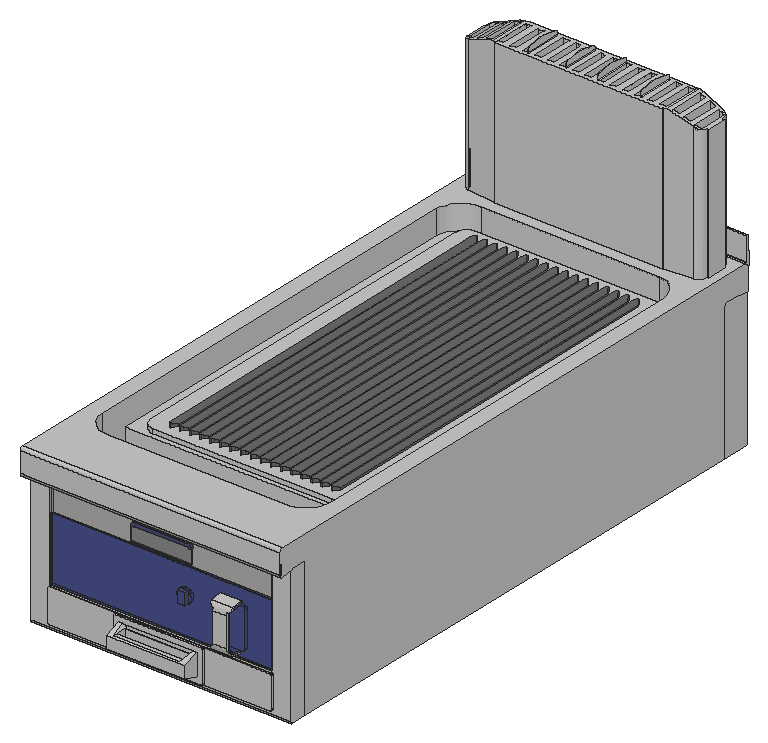
Revit family "QF_ELECTROLUXPROFESSIONAL_593321_MCHMABHOVO", category Specialty Equipment, Revit 2018
Family settings
  Round Connector Dimension = Use Diameter
  Part Type = Normal
  Work Plane-Based = No
  Always vertical = Yes
  Cut with Voids When Loaded = No
  Shared = No
  Room Calculation Point = No
Parameters (values of type "Standard")
  Weight = 120.00 kg
  Watts = 0 W
  Volts = 0 V
  URL Manufacturer = "http://professional.electrolux.com"
  URL = "http://professional.electrolux.com"
  Steam Supply Size = 0"
  Steam Supply Minimum Pressure = 0.00 psi
  Steam Supply Maximum Pressure = 0.00 psi
  Steam Pounds per Hour = 0
  Show Clearance [instance] = yes
  Refrigeration Suction Line Size = 0 mm
  Refrigeration Liquid Line Size = 0 mm
  Refrigerant Compressor Remote = yes
  Phase = 0
  Model = "MCHMABHOVO"
  Manufacturer = "Electrolux Professional"
  Length Actual = 800 mm  # constant formula
  Item Number = "593321"
  Hot Water Size = 0"
  Height Actual = 250 mm  # constant formula
  HP = "0 HP"
  Gas Size = 1/2"
  Gas KW = 20
  Gas Input Pressure = 1.63571 Btu/h
  Direct Waste Size = 0"
  Description = "GAS FRYTOP,SMT,TOWNGAS,2Z,BS,800X900X250"
  Depth Actual = 900 mm  # constant formula
  Cycle = 0 Hz
  Condensate Return Size = 0"
  Compressed Air Volume = 0 GPM
  Compressed Air Size = 0"
  Compressed Air Pressure = 0.00 psi
  Cold Water Size = 0"
  Accessory = yes
Reference planes
  plane 1 "BACK": y = 0
  plane 2: z = 0
  plane 3 "LEFT": x = 0
  plane 4 "RIGHT": x = 400
  plane 5 "FRONT": y = -900
  plane 6 "TOP": z = 250
  plane 7: x = 200
  plane 8: y = -450
  plane 9: z = 481
  plane 10: y = -1330
Forms (mm)
  Extrusion 1, solid, material "QF_Finishes_Stainless Steel"
    sketch origin (0, -487.128, 0) x (0, 1, 0) y (0, 0, 1)
      loop
        line (483.128, 250) -> (-408.872, 250)
        arc (-408.872, 250) -> (-411.7, 248.828) -> (-412.872, 246) r 4
        line (-412.872, 246) -> (-412.872, 214)
        arc (-412.872, 214) -> (-411.443, 210.936) -> (-408.177, 210.061) r 4
        line (-408.177, 210.061) -> (-391.509, 213) -> (-366.872, 213) -> (-366.872, 0) -> (441.128, 0) -> (441.128, 213) -> (465.765, 213) -> (482.433, 210.061)
        arc (482.433, 210.061) -> (485.699, 210.936) -> (487.128, 214) r 4
        line (487.128, 214) -> (487.128, 246)
        arc (487.128, 246) -> (485.956, 248.828) -> (483.128, 250) r 4
    from 0 to 400
  Extrusion 2, void
    sketch origin (653.786, 44.048, 250) x (1, 0, 0) y (0, -1, 0)
      loop
        line (-590.636, 138.048) -> (-316.936, 138.048)
        arc (-316.936, 138.048) -> (-289.96, 149.222) -> (-278.786, 176.198) r 38.15
        line (-278.786, 176.198) -> (-278.786, 816.572)
        arc (-278.786, 816.572) -> (-290.056, 843.779) -> (-317.263, 855.048) r 38.476
        line (-317.263, 855.048) -> (-591.786, 855.048)
        arc (-591.786, 855.048) -> (-617.949, 844.211) -> (-628.786, 818.048) r 37
        line (-628.786, 818.048) -> (-628.786, 176.198)
        arc (-628.786, 176.198) -> (-617.613, 149.222) -> (-590.636, 138.048) r 38.15
    from 0 to 37
  Extrusion 3, void
    sketch origin (1307.573, 92.096, 213) x (0, 1, 0) y (1, 0, 0)
      loop
        line (-821.846, -932.573) -> (-864.62, -932.573)
        arc (-864.62, -932.573) -> (-891.827, -943.842) -> (-903.096, -971.049) r 38.476
        line (-903.096, -971.049) -> (-903.096, -1245.573)
        arc (-903.096, -1245.573) -> (-892.259, -1271.736) -> (-866.096, -1282.573) r 37
        line (-866.096, -1282.573) -> (-821.846, -1282.573) -> (-821.846, -932.573)
    from 0 to 25.6
  Extrusion 4, void
    sketch origin (1307.573, 92.096, 187.4) x (-1, 0, 0) y (0, 1, 0)
      loop
        circle (1212.573, -862.096) r 22.248
    from 0 to 92
  Extrusion 5, solid, material "QF_Finishes_Stainless Steel"
    sketch origin (0, -854, 0) x (1, 0, 0) y (0, -1, 0)
      loop
        circle (365, -264) r 6.35
    from 0 to 3.2
  Extrusion 6, solid, material "QF_Door-Drawer Clearances", visible <- "Show Clearance", detail levels coarse
    sketch origin (237.31, -881.593, 8.62) x (0, 0, 1) y (-1, 0, 0)
      loop
        line (1.973, -134.295) -> (49.317, -134.295)
        arc (49.317, -134.295) -> (50.776, -133.691) -> (51.38, -132.232) r 2.063
        line (51.38, -132.232) -> (51.38, 206.852)
        arc (51.38, 206.852) -> (50.88, 208.549) -> (49.541, 209.705) r 3.133
        line (49.541, 209.705) -> (3.067, 209.705)
        arc (3.067, 209.705) -> (0.898, 208.807) -> (0, 206.638) r 3.067
        line (0, 206.638) -> (0, -132.322)
        arc (0, -132.322) -> (0.578, -133.717) -> (1.973, -134.295) r 1.973
    from 0 to 448.407
  Extrusion 7, solid, material "QF_Clearances", visible <- "Show Clearance", detail levels coarse
    sketch origin (-178.969, -4572, 0) x (-1, 0, 0) y (0, -1, 0)
      loop
        line (-78.969, -3672) -> (-178.969, -3672) -> (-178.969, -4572) -> (-578.969, -4572) -> (-578.969, -3672) -> (-678.969, -3672) -> (-678.969, -4672) -> (-78.969, -4672) -> (-78.969, -3672)
    from 0 to 250
  Extrusion 8, solid, material "QF_Finishes_Stainless Steel"
    sketch origin (0, 0, 0) x (0, 1, 0) y (0, 0, 1)
      loop
        line (-2.951, 1.994) -> (-2.951, 210.127)
        arc (-2.951, 210.127) -> (-3.795, 210.003) -> (-4.646, 210.061) r 4
        line (-4.646, 210.061) -> (-21.287, 212.994) -> (-45, 212.994) -> (-45, -0.006) -> (-4.951, -0.006)
        arc (-4.951, -0.006) -> (-3.537, 0.58) -> (-2.951, 1.994) r 2
      loop
        arc (-1.951, 252) -> (-2.537, 250.586) -> (-3.951, 250) r 2
        arc (-3.951, 250) -> (-1.172, 248.823) -> (0, 245.994) r 4
        line (0, 245.994) -> (0, 288) -> (-1.951, 288) -> (-1.951, 252)
    from 400 to 0
Cuts and joins
  Extrusion 2, Extrusion 3, Extrusion 4 cuts Extrusion 1
Lines and regions (mm)
  symbolic lines
    curve 1: line (293.666, -902.326, 0) -> (293.666, -900, 0)
    curve 2: spline (299.334, -903.73, 0) -> (298.856, -903.657, 0) -> (298.378, -903.575, 0) -> (297.901, -903.486, 0) -> (297.425, -903.389, 0) -> (296.95, -903.283, 0) -> (296.476, -903.17, 0) -> (296.004, -903.049, 0) -> (295.533, -902.92, 0) -> (295.064, -902.783, 0) -> (294.596, -902.638, 0) -> (294.13, -902.486, 0) -> (293.666, -902.326, 0)
    curve 3: line (325.881, -902.326, 0) -> (325.881, -900, 0)
    curve 4: spline (325.881, -902.326, 0) -> (325.417, -902.486, 0) -> (324.951, -902.638, 0) -> (324.483, -902.783, 0) -> (324.014, -902.92, 0) -> (323.543, -903.049, 0) -> (323.071, -903.17, 0) -> (322.597, -903.283, 0) -> (322.122, -903.389, 0) -> (321.646, -903.486, 0) -> (321.169, -903.575, 0) -> (320.691, -903.657, 0) -> (320.213, -903.73, 0)
    curve 5: line (299.334, -903.73, 0) -> (320.213, -903.73, 0)
    curve 6: line (25, -774, 0) -> (25, -132.15, 0)
    curve 7: arc (25, -132.15, 0) -> (36.174, -105.174, 0) -> (63.15, -94, 0) r 38.15
    curve 8: line (63.15, -94, 0) -> (336.85, -94, 0)
    curve 9: arc (336.85, -94, 0) -> (363.826, -105.174, 0) -> (375, -132.15, 0) r 38.15
    curve 10: line (375, -132.15, 0) -> (375, -772.524, 0)
    curve 11: arc (375, -772.524, 0) -> (363.731, -799.731, 0) -> (336.524, -811, 0) r 38.476
    curve 12: line (336.524, -811, 0) -> (62, -811, 0)
    curve 13: arc (62, -811, 0) -> (35.837, -800.163, 0) -> (25, -774, 0) r 37
    curve 14: line (375, -729.75, 0) -> (25, -729.75, 0)
    curve 15: circle (95, -770, 0) r 22.248 normal (0, 0, -1)
    curve 16: line (0, 0, 0) -> (400, 0, 0)
    curve 17: line (0, -900, 0) -> (0, 0, 0)
    curve 18: line (400, -900, 0) -> (0, -900, 0)
    curve 19: line (400, 0, 0) -> (400, -900, 0)
    curve 20: line (147.608, -908.767, 0) -> (250.042, -908.767, 0)
    curve 21: line (250.042, -908.767, 0) -> (251.588, -900, 0)
    curve 22: line (147.608, -908.767, 0) -> (146.062, -900, 0)
  symbolic lines, style "QF_Door-Drawer Clearances"
    curve 23: line (27.605, -1330, 0) -> (27.605, -900, 0)
    curve 24: line (27.605, -1330, 0) -> (371.605, -1330, 0)
    curve 25: line (371.605, -1330, 0) -> (371.605, -900, 0)
  symbolic lines, style "QF_Clearances", visible <- "Show Clearance", detail levels coarse
    curve 26: line (-100, 100, 0) -> (-100, -900, 0)
    curve 27: line (500, 100, 0) -> (-100, 100, 0)
    curve 28: line (500, -900, 0) -> (500, 100, 0)
  symbolic lines, style "SpecialityEquipment"
    curve 29: line (0, -1.951, 0) -> (400, -1.951, 0)
Dimensions and locks
  plane 3 "LEFT" to plane 4 "RIGHT" = 400 mm
  plane 5 "FRONT" to plane 1 "BACK" = 900 mm
  equal spacing: plane 3 "LEFT", plane 7, plane 4 "RIGHT"
  equal spacing: plane 5 "FRONT", plane 8, plane 1 "BACK"
  plane 6 "TOP" to level = 250 mm  (x2)
  plane 1 "BACK" to plane 5 "FRONT" = 900 mm
  Extrusion 5 sketch curve to plane 1 "BACK" = 590 mm
  Extrusion 5 sketch curve to plane 4 "RIGHT" = 35 mm
  plane 5 "FRONT" to plane 10 = 430 mm
  plane 9 to plane 6 "TOP" = 231 mm
  plane 9 to level = 481 mm
  Extrusion 7 to plane 3 "LEFT" = 100 mm
  plane 4 "RIGHT" to Extrusion 7 = 100 mm
  plane 1 "BACK" to Extrusion 7 = 100 mm
  aligned and locked: level to plane 2
  aligned and locked: plane 7 to nested 1
  aligned and locked: Extrusion 6 to plane 10
  aligned and locked: nested 2 to plane 6 "TOP"
  aligned and locked: plane 6 "TOP" to Extrusion 7
  aligned and locked: Extrusion 8 to plane 4 "RIGHT"
Automatic sketch dimensions
  Extrusion 1 to Extrusion 2 sketch curve = 90 mm
  Extrusion 1 to Extrusion 2 sketch curve = 122 mm
  Extrusion 1 to Extrusion 2 sketch curve = 25 mm
  Extrusion 2 sketch curve to Extrusion 2 sketch curve = 38.15 mm  (x2)
  Extrusion 1 to Extrusion 2 sketch curve = 123.476 mm
  Extrusion 1 to Extrusion 2 sketch curve = 85 mm
  Extrusion 2 sketch curve to Extrusion 2 sketch curve = 274.524 mm
  Extrusion 1 sketch curve to plane 5 "FRONT" = 0 mm
  Extrusion 1 sketch curve to plane 6 "TOP" = 0 mm
  Extrusion 1 sketch curve to level = 0 mm
  Extrusion 1 sketch curve to plane 1 "BACK" = 0 mm
  Extrusion 1 sketch curve to plane 6 "TOP" = 37 mm  (x2)
  Extrusion 1 sketch curve to plane 5 "FRONT" = 4 mm
  Extrusion 1 sketch curve to plane 5 "FRONT" = 21.363 mm
  Extrusion 1 sketch curve to plane 5 "FRONT" = 46 mm
  plane 1 "BACK" to Extrusion 1 sketch curve = 21.363 mm
  plane 1 "BACK" to Extrusion 1 sketch curve = 4 mm  (x2)
  Extrusion 1 sketch curve to Extrusion 1 sketch curve = 4 mm
  Extrusion 1 sketch curve to Extrusion 1 sketch curve = 0.695 mm
  Extrusion 1 sketch curve to Extrusion 1 sketch curve = 0 mm  (x4)
  plane 1 "BACK" to Extrusion 1 sketch curve = 4.695 mm
  Extrusion 1 sketch curve to Extrusion 1 sketch curve = 1 mm  (x2)
  plane 1 "BACK" to Extrusion 1 sketch curve = 46 mm
  Extrusion 3 sketch curve to Extrusion 2 = 81.25 mm
  Extrusion 2 to Extrusion 3 sketch curve = 0 mm  (x2)
  Extrusion 3 sketch curve to Extrusion 3 sketch curve = 37 mm
  Extrusion 3 sketch curve to Extrusion 3 sketch curve = 274.524 mm
  Extrusion 3 sketch curve to Extrusion 2 = 38.476 mm
  Extrusion 4 sketch curve to Extrusion 3 = 41 mm
  Extrusion 4 sketch curve to Extrusion 3 = 70 mm
  Extrusion 6 sketch curve to nested 1 = 1.973 mm
  Extrusion 6 sketch curve to nested 1 = 2.853 mm
  Extrusion 6 sketch curve to nested 1 = 1.839 mm
  plane 1 "BACK" to Extrusion 7 sketch curve = 0 mm
  plane 5 "FRONT" to Extrusion 7 sketch curve = 0 mm  (x2)
  Extrusion 7 sketch curve to plane 4 "RIGHT" = 100 mm
  Extrusion 7 sketch curve to plane 1 "BACK" = 100 mm
  Extrusion 7 sketch curve to plane 3 "LEFT" = 100 mm
  Extrusion 7 sketch curve to plane 3 "LEFT" = 0 mm
  Extrusion 7 sketch curve to plane 4 "RIGHT" = 0 mm
  Extrusion 8 sketch curve to plane 1 "BACK" = 0 mm  (x2)
  Extrusion 8 sketch curve to level = 0.006 mm
  Extrusion 8 sketch curve to plane 6 "TOP" = 0 mm
  Extrusion 8 sketch curve to Extrusion 8 sketch curve = 1.951 mm
  plane 1 "BACK" to Extrusion 8 sketch curve = 2.951 mm
  Extrusion 8 sketch curve to Extrusion 8 sketch curve = 2 mm  (x2)
  Extrusion 8 sketch curve to Extrusion 8 sketch curve = 18.335 mm
  Extrusion 8 sketch curve to Extrusion 8 sketch curve = 40.049 mm
  Extrusion 8 sketch curve to Extrusion 8 sketch curve = 1.695 mm
  Extrusion 8 sketch curve to Extrusion 8 sketch curve = 0 mm  (x3)
  Extrusion 8 sketch curve to Extrusion 8 sketch curve = 4 mm
  plane 1 "BACK" to Extrusion 8 sketch curve = 3.951 mm
  Extrusion 8 sketch curve to plane 6 "TOP" = 39.873 mm
  Extrusion 8 sketch curve to plane 6 "TOP" = 37.006 mm
  Extrusion 8 sketch curve to Extrusion 8 sketch curve = 36 mm
  Extrusion 8 sketch curve to Extrusion 8 sketch curve = 0.066 mm
  Extrusion 8 sketch curve to plane 6 "TOP" = 4.006 mm
  plane 1 "BACK" to curve 16 = 0 mm
  curve 24 to plane 10 = 0 mm
  curve 17 to plane 3 "LEFT" = 0 mm
  plane 5 "FRONT" to curve 18 = 0 mm
  plane 5 "FRONT" to curve 28 = 0 mm
  curve 29 to plane 4 "RIGHT" = 0 mm
  plane 5 "FRONT" to curve 26 = 0 mm
  curve 27 to plane 4 "RIGHT" = 100 mm
  plane 4 "RIGHT" to curve 10 = 25 mm
  plane 4 "RIGHT" to curve 24 = 28.395 mm
  curve 11 to curve 12 = 38.476 mm
  plane 5 "FRONT" to curve 3 = 2.326 mm
  curve 25 to curve 3 = 45.724 mm
  plane 5 "FRONT" to curve 5 = 3.73 mm
  curve 3 to curve 5 = 5.669 mm
  curve 5 to curve 5 = 20.878 mm
  plane 5 "FRONT" to curve 1 = 2.326 mm
  curve 2 to curve 1 = 5.669 mm
  plane 5 "FRONT" to curve 21 = 8.767 mm
  curve 1 to curve 21 = 43.623 mm
  curve 22 to plane 7 = 52.392 mm
  plane 3 "LEFT" to curve 12 = 62 mm
  plane 3 "LEFT" to curve 23 = 27.605 mm
  plane 3 "LEFT" to curve 6 = 25 mm
  curve 26 to plane 3 "LEFT" = 100 mm
  curve 3 to curve 4 = 9.839 mm
  plane 5 "FRONT" to curve 2 = 4.032 mm
  curve 2 to curve 5 = 4.17 mm
  curve 21 to curve 20 = 1.546 mm
  curve 20 to curve 22 = 1.546 mm
  curve 15 to curve 13 = 33 mm
  curve 26 to plane 1 "BACK" = 100 mm
  plane 1 "BACK" to curve 8 = 94 mm
  curve 16 to curve 29 = 1.951 mm
  curve 15 to curve 13 = 4 mm
  curve 2 to curve 4 = 0 mm
  plane 4 "RIGHT" to curve 8 = 63.15 mm
  plane 1 "BACK" to curve 6 = 132.15 mm
  curve 10 to curve 4 = 88.375 mm
  curve 14 to curve 13 = 44.25 mm
  radius of Extrusion 4 sketch curve = 22.248 mm
  radius of Extrusion 5 sketch curve = 6.35 mm
  radius of Extrusion 6 sketch curve to nested 1 = 0 mm  (x2)
  radius of curve 15 = 22.248 mm
Nested families
  nested 1: "GG_900_400 Front Panel with Center Grease Trap" at (202.376, -854, -650), type "GG_900_400 Front Panel with Center Grease Trap"
  nested 2: "GG_900_Flute for 400 fryer" at (404.201, -5, -635.571), type "GG_900_Flute for 400 fryer"
  nested 3: "GG_900_400 mm Full Grate" at (200, -411.875, -675), type "GG_900_400 mm Full Grate"
Connectors
  piping at (365, -590, -3.2), diameter 12.8
    settings: on Extrusion 5, index 1, connector inside diameter 0.50394", connector length 0 mm, flow factor 0, pipe flow 0 GPM, pressure drop 0.00 psi, fitting loss kfactor 0, connector angle 0.00°, fixture units 0, engagement length 0 mm, angle of deflection 0.00°, flow configuration 1, flow direction 1, fitting loss method 0, system type 7, joint type 0, gender type 0, connector reference index -1, connector utility 0, adjustable connector no, is connector primary yes, connector description "GAS CONNECTION"
Definition of nested family "GG_900_400 Front Panel with Center Grease Trap"
  Reference planes
    plane 1 "Center (Front/Back)": y = 0
    plane 2: z = 0
    plane 3 "Center (Left/Right)": x = -2.376
    plane 4: x = -202.376
    plane 5: x = 197.624
  Forms (mm)
    Extrusion 1, solid
      sketch origin (833.217, 829.203, -1.25) x (0, 1, 0) y (0, 0, 1)
        loop
          arc (-854.203, 654.25) -> (-853.324, 652.129) -> (-851.203, 651.25) r 3
          line (-851.203, 651.25) -> (-829.203, 651.25) -> (-829.203, 864.25) -> (-854.203, 864.25) -> (-854.203, 654.25)
      from -1035.593 to -635.593
    Extrusion 2, void
      sketch origin (33.217, 829.203, -1.25) x (1, 0, 0) y (0, 0, 1)
        loop
          line (-207.593, 855.116) -> (-207.593, 713.116) -> (136.407, 713.116) -> (136.407, 855.116) -> (-207.593, 855.116)
      from 848.59 to 854.203
    Extrusion 3, solid
      sketch origin (-166.718, -23.053, 847.184) x (0, 0, -1) y (1, 0, 0)
        loop
          circle (77.168, 200.901) r 11
      from 0 to 3.2
    Extrusion 4, solid
      sketch origin (-166.718, -26.253, 847.184) x (0, 0, -1) y (1, 0, 0)
        loop
          line (67.962, 195.586) -> (86.297, 195.586) -> (86.297, 206.217) -> (67.962, 206.217) -> (67.962, 195.586)
      from 0 to 6.4
  Cuts and joins
    Extrusion 2 cuts Extrusion 1
  Dimensions and locks
    equal spacing: plane 5, plane 3 "Center (Left/Right)", plane 4
    plane 5 to plane 4 = 400 mm
    plane 5 to nested 1 = 90 mm
    aligned and locked: cut or joined group of Extrusion 1, Extrusion 2 to plane 4
    aligned and locked: plane 5 to cut or joined group of Extrusion 1, Extrusion 2
    aligned and locked: plane 3 "Center (Left/Right)" to nested 2
    aligned and locked: cut or joined group of Extrusion 1, Extrusion 2 to nested 2
    aligned and locked: plane 3 "Center (Left/Right)" to nested 3
  Automatic sketch dimensions
    Extrusion 1 sketch curve to plane 1 "Center (Front/Back)" = 0 mm
    plane 1 "Center (Front/Back)" to Extrusion 1 sketch curve = 22 mm
    Extrusion 1 sketch curve to Extrusion 1 sketch curve = 3 mm
    level to Extrusion 1 sketch curve = 650 mm
    Extrusion 1 sketch curve to Extrusion 1 sketch curve = 210 mm
    plane 4 to Extrusion 2 sketch curve = 28 mm
    Extrusion 2 sketch curve to plane 5 = 28 mm
    level to Extrusion 2 sketch curve = 711.866 mm
    Extrusion 2 sketch curve to Extrusion 2 sketch curve = 142 mm
    nested 2 to Extrusion 3 sketch curve = 40.144 mm
    Extrusion 3 sketch curve to nested 2 = 132.531 mm
    Extrusion 4 sketch curve to Extrusion 4 sketch curve = 18.335 mm
    Extrusion 4 sketch curve to Extrusion 4 sketch curve = 10.631 mm
    radius of Extrusion 3 sketch curve = 11 mm
  Nested families
    nested 1: "Range Control Handle" at (107.624, -28.137, -209.113) x (-1, 0, 0) z (0, 0, 1), type "Range Control Handle"
    nested 2: "glass conrol panel" at (-2.376, 280.644, 2.752), type "glass conrol panel"
    nested 3: "grease trap door" at (65.223, -25, 0.608) x (-1, 0, 0) z (0, 0, 1), type "grease trap door"
  Definition of nested family "Range Control Handle"
    Reference planes
      plane 1 "Center (Front/Back)": y = 0
      plane 2: z = 0
      plane 3 "Center (Left/Right)": x = 0
      plane 4: z = 971.092
    Forms (mm)
      Extrusion 1, solid
        sketch origin (-746.28, 380.497, 208.931) x (-1, 0, 0) y (0, 0, 1)
          loop
            line (-770.101, 786.798) -> (-770.101, 731.649)
            arc (-770.101, 731.649) -> (-769.759, 730.563) -> (-768.855, 729.87) r 1.893
            line (-768.855, 729.87) -> (-763.474, 727.911) -> (-729.81, 727.911) -> (-724.428, 729.87)
            arc (-724.428, 729.87) -> (-723.525, 730.563) -> (-723.183, 731.649) r 1.893
            line (-723.183, 731.649) -> (-723.183, 786.798)
            arc (-723.183, 786.798) -> (-723.529, 787.894) -> (-724.44, 788.593) r 1.91
            line (-724.44, 788.593) -> (-729.683, 790.819) -> (-763.601, 790.819) -> (-768.844, 788.593)
            arc (-768.844, 788.593) -> (-769.755, 787.894) -> (-770.101, 786.798) r 1.91
        from -382.35 to -378.852
      Sweep 2, solid
        path origin (-746.788, 380.496, 208.091) x (0, -1, 0) y (0, 0, 1)
          loop
            line (379.775, 793.281) -> (395.661, 791.048)
            arc (395.661, 791.048) -> (397.781, 787.377) -> (398.517, 783.202) r 12.207
            line (398.517, 783.202) -> (398.517, 737.368)
            arc (398.517, 737.368) -> (397.781, 733.193) -> (395.661, 729.522) r 12.207
            line (395.661, 729.522) -> (379.775, 727.289)
        profile origin (-746.788, -7.222, 1000.256) x (0, -0.139173, 0.990268) y (-1, 0, 0)
          loop
            line (0.782, -763.123) -> (0.782, -730.907) -> (-1.322, -730.907) -> (-1.322, -763.123) -> (0.782, -763.123)
      Sweep 3, solid
        path origin (-746.788, 380.715, 207.832) x (0, -1, 0) y (0, 0, 1)
          loop
            line (380.478, 795.442) -> (397.218, 793.09)
            arc (397.218, 793.09) -> (399.929, 788.473) -> (400.871, 783.202) r 15.207
            line (400.871, 783.202) -> (400.871, 737.584)
            arc (400.871, 737.584) -> (399.914, 732.274) -> (397.164, 727.633) r 15.207
            line (397.164, 727.633) -> (380.601, 725.305)
        profile origin (-746.788, -8.132, 1002.099) x (0, -0.139173, 0.990268) y (-1, 0, 0)
          loop
            line (0.782, -763.123) -> (0.782, -730.907) -> (-1.322, -730.907) -> (-1.322, -763.123) -> (0.782, -763.123)
      Extrusion 4, void
        sketch origin (889.253, 220.666, 207.993) x (1, 0, 0) y (0, 0, 1)
          loop
            line (-943.038, 816.854) -> (-943.038, 703.686) -> (-899.466, 734.196) -> (-899.466, 786.344) -> (-943.038, 816.854)
        from 230.636 to 242.25
      Extrusion 5, void
        sketch origin (-888.8, 220.666, 207.993) x (-1, 0, 0) y (0, 0, -1)
          loop
            line (-943.038, -816.854) -> (-899.466, -786.344) -> (-899.466, -734.196) -> (-943.038, -703.686) -> (-943.038, -816.854)
        from 230.636 to 242.25
      Extrusion 6, solid
        sketch origin (0, 0, 0) x (1, 0, 0) y (0, 0, 1)
          loop
            circle (0, 971.092) r 7.736
        from -3.137 to -1.645
    Cuts and joins
      Extrusion 4, Extrusion 5 cuts Sweep 3
      Extrusion 4, Extrusion 5 cuts Sweep 2
      joined: Extrusion 1, Extrusion 6
    Lines and regions (mm)
      symbolic lines
        curve 1: line (23.821, 1.645, 0) -> (-23.097, 1.645, 0)
        curve 2: line (16.334, -1.853, 0) -> (23.821, -1.853, 0)
        curve 3: line (-15.881, -19.189, 0) -> (-15.881, -1.853, 0)
        curve 4: line (-23.097, -1.853, 0) -> (-15.881, -1.853, 0)
        curve 5: line (16.334, -19.189, 0) -> (16.334, -1.853, 0)
        curve 6: spline (-15.881, -19.189, 0) -> (-15.417, -19.349, 0) -> (-14.951, -19.501, 0) -> (-14.483, -19.646, 0) -> (-14.014, -19.783, 0) -> (-13.543, -19.912, 0) -> (-13.071, -20.033, 0) -> (-12.597, -20.146, 0) -> (-12.122, -20.251, 0) -> (-11.646, -20.349, 0) -> (-11.169, -20.438, 0) -> (-10.691, -20.52, 0) -> (-10.213, -20.593, 0)
        curve 7: spline (10.666, -20.593, 0) -> (11.144, -20.52, 0) -> (11.622, -20.438, 0) -> (12.099, -20.349, 0) -> (12.575, -20.251, 0) -> (13.05, -20.146, 0) -> (13.524, -20.033, 0) -> (13.996, -19.912, 0) -> (14.467, -19.783, 0) -> (14.936, -19.646, 0) -> (15.404, -19.501, 0) -> (15.87, -19.349, 0) -> (16.334, -19.189, 0)
        curve 8: line (-10.213, -20.938, 0) -> (10.716, -20.938, 0)
        curve 9: line (-23.097, 1.645, 0) -> (-23.097, -1.853, 0)
        curve 10: line (23.821, 1.645, 0) -> (23.821, -1.853, 0)
  Definition of nested family "glass conrol panel"
    Reference planes
      plane 1 "Center (Front/Back)": y = 0
      plane 2: z = 0
      plane 3 "Center (Left/Right)": x = 0
    Forms (mm)
      Extrusion 1, solid
        sketch origin (378.286, 0, 0.617) x (1, 0, 0) y (0, 0, 1)
          loop
            line (-550.286, 806.791) -> (-550.286, 708.497) -> (-206.286, 708.497) -> (-206.286, 806.791) -> (-550.286, 806.791)
        from 300.031 to 304.8
      Extrusion 2, solid
        sketch origin (378.286, 0, 0.617) x (1, 0, 0) y (0, 0, 1)
          loop
            line (-550.286, 850.497) -> (-550.286, 806.791) -> (-206.286, 806.791) -> (-206.286, 850.497) -> (-550.286, 850.497)
        from 300.031 to 304.8
      Extrusion 3, void
        sketch origin (378.286, 0, 0.617) x (1, 0, 0) y (0, 0, 1)
          loop
            line (-547.628, 847.565) -> (-547.628, 710.699) -> (-209.196, 710.699) -> (-209.196, 847.565) -> (-547.628, 847.565)
        from 303.697 to 304.8
      Extrusion 4, solid
        sketch origin (-308.309, 1.101, -0.633) x (-1, 0, 0) y (0, 0, -1)
          loop
            line (-261.431, -812.62) -> (-355.186, -812.62) -> (-355.186, -834.177) -> (-350.269, -834.177) -> (-348.469, -835.977) -> (-268.039, -835.977) -> (-266.24, -834.177) -> (-261.431, -834.177) -> (-261.431, -812.62)
        from 304.798 to 306.745
      Extrusion 5, solid
        sketch origin (-308.309, 1.101, -0.633) x (-1, 0, 0) y (0, 0, -1)
          loop
            line (-350.269, -834.177) -> (-355.078, -834.177)
            arc (-355.078, -834.177) -> (-353.942, -838.747) -> (-349.686, -840.763) r 5.5
            line (-349.686, -840.763) -> (-266.98, -840.763)
            arc (-266.98, -840.763) -> (-262.706, -838.752) -> (-261.529, -834.177) r 5.549
            line (-261.529, -834.177) -> (-266.24, -834.177) -> (-268.039, -835.977) -> (-348.469, -835.977) -> (-350.269, -834.177)
        from 304.798 to 306.745
    Cuts and joins
      Extrusion 3 cuts Extrusion 1
      Extrusion 3 cuts Extrusion 2
    Dimensions and locks
      aligned and locked: Extrusion 1 to Extrusion 2
      aligned and locked: Extrusion 5 sketch curve to Extrusion 4  (x5)
      aligned and locked: Extrusion 5 to Extrusion 4
  Definition of nested family "grease trap door"
    Reference planes
      plane 1 "Center (Front/Back)": y = 0
      plane 2: z = 0
      plane 3 "Center (Left/Right)": x = 0
    Forms (mm)
      Extrusion 1, solid
        sketch origin (1627.55, 854.203, -1.25) x (1, 0, 0) y (0, 0, 1)
          loop
            arc (-1627.55, 661.235) -> (-1626.972, 659.84) -> (-1625.577, 659.262) r 1.973
            line (-1625.577, 659.262) -> (-1494.325, 659.262)
            arc (-1494.325, 659.262) -> (-1492.156, 660.16) -> (-1491.258, 662.329) r 3.067
            line (-1491.258, 662.329) -> (-1491.258, 708.803)
            arc (-1491.258, 708.803) -> (-1492.414, 710.143) -> (-1494.111, 710.642) r 3.133
            line (-1494.111, 710.642) -> (-1625.486, 710.642)
            arc (-1625.486, 710.642) -> (-1626.945, 710.038) -> (-1627.55, 708.579) r 2.063
            line (-1627.55, 708.579) -> (-1627.55, 661.235)
        from 856.795 to 859.203
      Extrusion 2, solid
        sketch origin (445.874, 2476.61, 0) x (0, 1, 0) y (0, 0, 1)
          loop
            line (-2506.377, 675.273) -> (-2481.61, 667.505) -> (-2481.61, 700.995) -> (-2506.377, 693.227) -> (-2506.377, 675.273)
        from -437.68 to -317.68
      Extrusion 3, void
        sketch origin (1627.55, 854.203, -1.25) x (1, 0, 0) y (0, 0, 1)
          loop
            line (-1614.883, 703) -> (-1610.542, 695.433) -> (-1508.17, 695.433) -> (-1503.828, 703) -> (-1614.883, 703)
          loop
            line (-1614.883, 668) -> (-1502.669, 668) -> (-1507.01, 675.567) -> (-1610.542, 675.567) -> (-1614.883, 668)
        from 832.916 to 883.97
      Extrusion 4, void
        sketch origin (447.55, 854.203, -1.25) x (1, 0, 0) y (0, 0, 1)
          loop
            line (-430.542, 695.433) -> (-430.542, 675.567) -> (-328.17, 675.567) -> (-328.17, 695.433) -> (-430.542, 695.433)
        from 859.203 to 874.202
      Extrusion 5, solid
        sketch origin (1627.55, 854.203, -1.25) x (1, 0, 0) y (0, 0, 1)
          loop
            arc (-1731.556, 661.235) -> (-1730.978, 659.84) -> (-1729.583, 659.262) r 1.973
            line (-1729.583, 659.262) -> (-1390.623, 659.262)
            arc (-1390.623, 659.262) -> (-1388.454, 660.16) -> (-1387.556, 662.329) r 3.067
            line (-1387.556, 662.329) -> (-1387.556, 708.803)
            arc (-1387.556, 708.803) -> (-1388.712, 710.143) -> (-1390.409, 710.642) r 3.133
            line (-1390.409, 710.642) -> (-1729.493, 710.642)
            arc (-1729.493, 710.642) -> (-1730.952, 710.038) -> (-1731.556, 708.579) r 2.063
            line (-1731.556, 708.579) -> (-1731.556, 661.235)
        from 854.203 to 856.795
    Cuts and joins
      Extrusion 3 cuts Extrusion 1
      Extrusion 3, Extrusion 4 cuts Extrusion 2
      joined: Extrusion 1, Extrusion 2
    Lines and regions (mm)
      symbolic lines
        curve 1: line (0, -2.593, 0) -> (136.292, -2.593, 0)
        curve 2: line (17.557, -29.767, 0) -> (12.667, -2.593, 0)
        curve 3: line (17.557, -29.767, 0) -> (119.991, -29.767, 0)
        curve 4: line (119.991, -29.767, 0) -> (124.881, -2.593, 0)
        curve 5: line (68.146, -2.593, 0) -> (68.146, -29.767, 0)
      model lines
        curve 6: line (67.599, 0, 658.012) -> (67.599, 0, 709.392)
    Dimensions and locks
      aligned and locked: Extrusion 2 to Extrusion 1
      aligned and locked: Extrusion 3 to Extrusion 2
      aligned and locked: Extrusion 4 to Extrusion 1
Definition of nested family "GG_900_Flute for 400 fryer"
  Reference planes
    plane 1 "Center (Front/Back)": y = 0
    plane 2: z = 0
    plane 3 "Center (Left/Right)": x = -138.888
    plane 4: x = -388.888
    plane 5: y = -37.994
    plane 6: x = -24.888
    plane 7: x = -382.888
    plane 8: x = -341.546
    plane 9: x = -397.742
    plane 10: x = -10.763
  Forms (mm)
    Extrusion 1, solid
      sketch origin (3208.371, -22.924, -275.679) x (1, 0, 0) y (0, 0, 1)
        loop
          line (-3597.259, 1365.162) -> (-3597.259, 1161.25) -> (-3227.259, 1161.25) -> (-3227.259, 1364.934) -> (-3271.553, 1381.055)
          arc (-3271.553, 1381.055) -> (-3274.994, 1381.949) -> (-3278.536, 1382.25) r 21
          line (-3278.536, 1382.25) -> (-3546.608, 1382.25)
          arc (-3546.608, 1382.25) -> (-3550.146, 1381.95) -> (-3553.582, 1381.058) r 21
          line (-3553.582, 1381.058) -> (-3597.259, 1365.162)
      from -17.885 to 48.024
    Extrusion 2, void
      sketch origin (3110.917, -926.426, -226.348) x (1, 0, 0) y (0, 1, 0)
        loop
          line (-3444.887, 915.362) -> (-3444.887, 861.502) -> (-3434.887, 861.502) -> (-3434.887, 915.362) -> (-3444.887, 915.362)
      from 1111.919 to 1332.919
    Extrusion 3, void
      sketch origin (0, 0, 0) x (1, 0, 0) y (0, 1, 0)
        loop
          line (-373.021, -61.567) -> (-373.021, -14.408) -> (-377.678, -14.821)
          spline (-377.678, -14.821) -> (-378.371, -14.929) -> (-379.046, -15.126) -> (-379.692, -15.41) -> (-380.301, -15.777) -> (-380.864, -16.22) -> (-381.37, -16.734) -> (-381.814, -17.309) -> (-382.188, -17.939) -> (-382.486, -18.613) -> (-382.704, -19.32) -> (-382.839, -20.051) -> (-382.888, -20.793)
          line (-382.888, -20.793) -> (-382.888, -55.104)
          spline (-382.888, -55.104) -> (-382.855, -55.807) -> (-382.746, -56.501) -> (-382.562, -57.176) -> (-382.305, -57.825) -> (-381.98, -58.437) -> (-381.589, -59.005) -> (-381.14, -59.521) -> (-380.637, -59.978) -> (-380.087, -60.369) -> (-379.499, -60.69) -> (-378.879, -60.936) -> (-378.237, -61.104)
          line (-378.237, -61.104) -> (-373.021, -61.567)
        loop
          line (-367.195, -62.083) -> (-357.328, -62.958) -> (-357.328, -13.046) -> (-367.195, -13.892) -> (-367.195, -62.083)
        loop
          line (-351.502, -12.529) -> (-351.502, -63.476) -> (-341.546, -64.358) -> (-341.546, -11.645) -> (-351.502, -12.529)
        loop
          line (-29.412, -14.802) -> (-33.505, -14.439) -> (-33.505, -61.567) -> (-28.848, -61.184)
          spline (-28.848, -61.184) -> (-28.15, -61.075) -> (-27.471, -60.875) -> (-26.82, -60.588) -> (-26.208, -60.217) -> (-25.644, -59.768) -> (-25.136, -59.248) -> (-24.692, -58.666) -> (-24.32, -58.029) -> (-24.024, -57.349) -> (-23.81, -56.634) -> (-23.681, -55.897) -> (-23.638, -55.149)
          line (-23.638, -55.149) -> (-23.638, -20.839)
          spline (-23.638, -20.839) -> (-23.689, -20.042) -> (-23.837, -19.26) -> (-24.082, -18.505) -> (-24.417, -17.791) -> (-24.838, -17.13) -> (-25.338, -16.534) -> (-25.906, -16.014) -> (-26.535, -15.577) -> (-27.211, -15.233) -> (-27.925, -14.986) -> (-28.663, -14.842) -> (-29.412, -14.802)
        loop
          line (-39.331, -13.922) -> (-49.198, -13.046) -> (-49.198, -62.989) -> (-39.331, -62.113) -> (-39.331, -13.922)
        loop
          line (-64.98, -11.615) -> (-64.98, -64.389) -> (-55.024, -63.506) -> (-55.024, -12.499) -> (-64.98, -11.615)
      from 885.571 to 1106.571
    Extrusion 4, void
      sketch origin (5.432, 225.414, 0) x (1, 0, 0) y (0, 1, 0)
        loop
          spline (-382.452, -291.267) -> (-383.887, -291.038) -> (-385.284, -290.622) -> (-386.623, -290.026) -> (-387.883, -289.259) -> (-389.044, -288.332) -> (-390.088, -287.26) -> (-391.001, -286.059) -> (-391.767, -284.747) -> (-392.375, -283.345) -> (-392.817, -281.874) -> (-393.084, -280.356) -> (-393.174, -278.815)
          line (-393.174, -278.815) -> (-403.174, -278.815) -> (-403.174, -302.496) -> (-338.779, -302.496) -> (-338.779, -295.112) -> (-382.452, -291.267)
        loop
          line (-382.452, -235.548) -> (-338.508, -231.703) -> (-338.508, -224.32) -> (-403.174, -224.32) -> (-403.174, -248.001) -> (-393.174, -248.001)
          spline (-393.174, -248.001) -> (-393.084, -246.459) -> (-392.817, -244.941) -> (-392.375, -243.47) -> (-391.767, -242.068) -> (-391.001, -240.757) -> (-390.088, -239.556) -> (-389.044, -238.484) -> (-387.883, -237.557) -> (-386.623, -236.79) -> (-385.284, -236.194) -> (-383.887, -235.778) -> (-382.452, -235.548)
        loop
          line (-36.918, -291.267) -> (-80.794, -295.112) -> (-80.794, -302.496) -> (-16.195, -302.496) -> (-16.195, -278.815) -> (-26.195, -278.815)
          spline (-26.195, -278.815) -> (-26.285, -280.356) -> (-26.553, -281.874) -> (-26.994, -283.345) -> (-27.602, -284.747) -> (-28.369, -286.059) -> (-29.281, -287.26) -> (-30.326, -288.332) -> (-31.487, -289.259) -> (-32.746, -290.026) -> (-34.085, -290.622) -> (-35.482, -291.038) -> (-36.918, -291.267)
        loop
          spline (-36.918, -235.548) -> (-35.482, -235.778) -> (-34.085, -236.194) -> (-32.746, -236.79) -> (-31.487, -237.557) -> (-30.326, -238.484) -> (-29.281, -239.556) -> (-28.369, -240.757) -> (-27.602, -242.068) -> (-26.994, -243.47) -> (-26.553, -244.941) -> (-26.285, -246.459) -> (-26.195, -248.001)
          line (-26.195, -248.001) -> (-16.195, -248.001) -> (-16.195, -224.32) -> (-80.861, -224.32) -> (-80.861, -231.703) -> (-36.918, -235.548)
      from 0 to 1124.213
    Extrusion 5, solid
      sketch origin (-119.329, 1835.371, -536.725) x (0, 1, 0) y (0, 0, 1)
        loop
          line (-1849.66, 1651.2) -> (-1860.917, 1653.592)
          arc (-1860.917, 1653.592) -> (-1873.392, 1654.903) -> (-1885.866, 1653.592) r 60
          line (-1885.866, 1653.592) -> (-1897.123, 1651.2)
          arc (-1897.123, 1651.2) -> (-1899.403, 1649.803) -> (-1900.294, 1647.286) r 4
          line (-1900.294, 1647.286) -> (-1900.294, 1644.257) -> (-1846.435, 1644.257) -> (-1846.435, 1647.286)
          arc (-1846.435, 1647.286) -> (-1847.327, 1649.803) -> (-1849.603, 1651.198) r 4
      from 4.99 to 5.968
    Extrusion 6, solid
      sketch origin (1141.179, -0.446, -506.698) x (1, 0, 0) y (0, 0, 1)
        loop
          line (-1428.929, 1613.23) -> (-1427.196, 1613.23)
          arc (-1427.196, 1613.23) -> (-1426.997, 1613.712) -> (-1426.929, 1614.23) r 2
          line (-1426.929, 1614.23) -> (-1427.929, 1614.23)
          arc (-1427.929, 1614.23) -> (-1428.221, 1613.523) -> (-1428.929, 1613.23) r 1
      from 10.618 to 64.478
    Extrusion 7, solid
      sketch origin (-299.878, 1835.371, -536.725) x (0, 1, 0) y (0, 0, 1)
        loop
          line (-1849.66, 1651.2) -> (-1860.917, 1653.592)
          arc (-1860.917, 1653.592) -> (-1873.392, 1654.903) -> (-1885.866, 1653.592) r 60
          line (-1885.866, 1653.592) -> (-1897.123, 1651.2)
          arc (-1897.123, 1651.2) -> (-1899.403, 1649.803) -> (-1900.294, 1647.286) r 4
          line (-1900.294, 1647.286) -> (-1900.294, 1644.257) -> (-1846.435, 1644.257) -> (-1846.435, 1647.286)
          arc (-1846.435, 1647.286) -> (-1847.327, 1649.803) -> (-1849.603, 1651.198) r 4
      from 13.128 to 14.364
    Extrusion 8, solid
      sketch origin (1199.162, -0.446, -506.698) x (1, 0, 0) y (0, 0, 1)
        loop
          line (-1428.929, 1613.23) -> (-1427.196, 1613.23)
          arc (-1427.196, 1613.23) -> (-1426.997, 1613.712) -> (-1426.929, 1614.23) r 2
          line (-1426.929, 1614.23) -> (-1427.929, 1614.23)
          arc (-1427.929, 1614.23) -> (-1428.221, 1613.523) -> (-1428.929, 1613.23) r 1
      from 10.618 to 64.478
    Extrusion 9, solid
      sketch origin (-229.628, 1835.371, -536.725) x (0, 1, 0) y (0, 0, 1)
        loop
          line (-1849.66, 1651.2) -> (-1860.917, 1653.592)
          arc (-1860.917, 1653.592) -> (-1873.392, 1654.903) -> (-1885.866, 1653.592) r 60
          line (-1885.866, 1653.592) -> (-1897.123, 1651.2)
          arc (-1897.123, 1651.2) -> (-1899.403, 1649.803) -> (-1900.294, 1647.286) r 4
          line (-1900.294, 1647.286) -> (-1900.294, 1644.257) -> (-1846.435, 1644.257) -> (-1846.435, 1647.286)
          arc (-1846.435, 1647.286) -> (-1847.327, 1649.803) -> (-1849.603, 1651.198) r 4
      from 0.861 to 1.841
    Extrusion 10, solid
      sketch origin (-1411.284, -0.446, -506.698) x (-1, 0, 0) y (0, 0, -1)
        loop
          arc (-1298.929, -1613.23) -> (-1298.221, -1613.523) -> (-1297.929, -1614.23) r 1
          line (-1297.929, -1614.23) -> (-1296.929, -1614.23)
          arc (-1296.929, -1614.23) -> (-1296.997, -1613.712) -> (-1297.196, -1613.23) r 2
          line (-1297.196, -1613.23) -> (-1298.929, -1613.23)
      from 10.618 to 64.478
    Extrusion 11, solid
      sketch origin (-185.128, 1835.371, -536.725) x (0, 1, 0) y (0, 0, 1)
        loop
          line (-1849.66, 1651.2) -> (-1860.917, 1653.592)
          arc (-1860.917, 1653.592) -> (-1873.392, 1654.903) -> (-1885.866, 1653.592) r 60
          line (-1885.866, 1653.592) -> (-1897.123, 1651.2)
          arc (-1897.123, 1651.2) -> (-1899.403, 1649.803) -> (-1900.294, 1647.286) r 4
          line (-1900.294, 1647.286) -> (-1900.294, 1644.257) -> (-1846.435, 1644.257) -> (-1846.435, 1647.286)
          arc (-1846.435, 1647.286) -> (-1847.327, 1649.803) -> (-1849.603, 1651.198) r 4
      from 4.99 to 6.005
    Extrusion 12, solid
      sketch origin (-1477.066, -0.446, -506.698) x (-1, 0, 0) y (0, 0, -1)
        loop
          arc (-1298.929, -1613.23) -> (-1298.221, -1613.523) -> (-1297.929, -1614.23) r 1
          line (-1297.929, -1614.23) -> (-1296.929, -1614.23)
          arc (-1296.929, -1614.23) -> (-1296.997, -1613.712) -> (-1297.196, -1613.23) r 2
          line (-1297.196, -1613.23) -> (-1298.929, -1613.23)
      from 10.618 to 64.478
    Extrusion 13, void
      sketch origin (3360.917, -926.426, -226.348) x (1, 0, 0) y (0, 1, 0)
        loop
          line (-3444.887, 915.362) -> (-3444.887, 861.502) -> (-3434.887, 861.502) -> (-3434.887, 915.362) -> (-3444.887, 915.362)
      from 1111.919 to 1332.919
    Extrusion 14, void
      sketch origin (3130.148, -926.426, -226.348) x (1, 0, 0) y (0, 1, 0)
        loop
          line (-3444.887, 915.362) -> (-3444.887, 861.502) -> (-3434.887, 861.502) -> (-3434.887, 915.362) -> (-3444.887, 915.362)
      from 1111.919 to 1332.919
    Extrusion 15, void
      sketch origin (3149.379, -926.426, -226.348) x (1, 0, 0) y (0, 1, 0)
        loop
          line (-3444.887, 915.362) -> (-3444.887, 861.502) -> (-3434.887, 861.502) -> (-3434.887, 915.362) -> (-3444.887, 915.362)
      from 1111.919 to 1332.919
    Extrusion 16, void
      sketch origin (3168.61, -926.426, -226.348) x (1, 0, 0) y (0, 1, 0)
        loop
          line (-3444.887, 915.362) -> (-3444.887, 861.502) -> (-3434.887, 861.502) -> (-3434.887, 915.362) -> (-3444.887, 915.362)
      from 1111.919 to 1332.919
    Extrusion 17, void
      sketch origin (3187.841, -926.426, -226.348) x (1, 0, 0) y (0, 1, 0)
        loop
          line (-3444.887, 915.362) -> (-3444.887, 861.502) -> (-3434.887, 861.502) -> (-3434.887, 915.362) -> (-3444.887, 915.362)
      from 1111.919 to 1332.919
    Extrusion 18, void
      sketch origin (3207.071, -926.426, -226.348) x (1, 0, 0) y (0, 1, 0)
        loop
          line (-3444.887, 915.362) -> (-3444.887, 861.502) -> (-3434.887, 861.502) -> (-3434.887, 915.362) -> (-3444.887, 915.362)
      from 1111.919 to 1332.919
    Extrusion 19, void
      sketch origin (3226.302, -926.426, -226.348) x (1, 0, 0) y (0, 1, 0)
        loop
          line (-3444.887, 915.362) -> (-3444.887, 861.502) -> (-3434.887, 861.502) -> (-3434.887, 915.362) -> (-3444.887, 915.362)
      from 1111.919 to 1332.919
    Extrusion 20, void
      sketch origin (3245.533, -926.426, -226.348) x (1, 0, 0) y (0, 1, 0)
        loop
          line (-3444.887, 915.362) -> (-3444.887, 861.502) -> (-3434.887, 861.502) -> (-3434.887, 915.362) -> (-3444.887, 915.362)
      from 1111.919 to 1332.919
    Extrusion 21, void
      sketch origin (3264.764, -926.426, -226.348) x (1, 0, 0) y (0, 1, 0)
        loop
          line (-3444.887, 915.362) -> (-3444.887, 861.502) -> (-3434.887, 861.502) -> (-3434.887, 915.362) -> (-3444.887, 915.362)
      from 1111.919 to 1332.919
    Extrusion 22, void
      sketch origin (3283.994, -926.426, -226.348) x (1, 0, 0) y (0, 1, 0)
        loop
          line (-3444.887, 915.362) -> (-3444.887, 861.502) -> (-3434.887, 861.502) -> (-3434.887, 915.362) -> (-3444.887, 915.362)
      from 1111.919 to 1332.919
    Extrusion 23, void
      sketch origin (3303.225, -926.426, -226.348) x (1, 0, 0) y (0, 1, 0)
        loop
          line (-3444.887, 915.362) -> (-3444.887, 861.502) -> (-3434.887, 861.502) -> (-3434.887, 915.362) -> (-3444.887, 915.362)
      from 1111.919 to 1332.919
    Extrusion 24, void
      sketch origin (3322.456, -926.426, -226.348) x (1, 0, 0) y (0, 1, 0)
        loop
          line (-3444.887, 915.362) -> (-3444.887, 861.502) -> (-3434.887, 861.502) -> (-3434.887, 915.362) -> (-3444.887, 915.362)
      from 1111.919 to 1332.919
    Extrusion 25, void
      sketch origin (3341.687, -926.426, -226.348) x (1, 0, 0) y (0, 1, 0)
        loop
          line (-3444.887, 915.362) -> (-3444.887, 861.502) -> (-3434.887, 861.502) -> (-3434.887, 915.362) -> (-3444.887, 915.362)
      from 1111.919 to 1332.919
  Cuts and joins
    Extrusion 2, Extrusion 3, Extrusion 4, Extrusion 13, Extrusion 14, Extrusion 15, Extrusion 16, Extrusion 17, Extrusion 18, Extrusion 19, Extrusion 20, Extrusion 21, Extrusion 22, Extrusion 23, Extrusion 24, Extrusion 25 cuts Extrusion 1
  Lines and regions (mm)
    symbolic lines
      curve 1: line (-89.839, -5.039, 0) -> (-319.049, -5.039, 0)
      curve 2: line (-377.28, -10.134, 0) -> (-319.049, -5.039, 0)
      curve 3: spline (-388.002, -22.586, 0) -> (-387.913, -21.045, 0) -> (-387.645, -19.527, 0) -> (-387.204, -18.056, 0) -> (-386.595, -16.654, 0) -> (-385.829, -15.343, 0) -> (-384.916, -14.142, 0) -> (-383.872, -13.07, 0) -> (-382.711, -12.143, 0) -> (-381.451, -11.376, 0) -> (-380.113, -10.779, 0) -> (-378.715, -10.363, 0) -> (-377.28, -10.134, 0)
      curve 4: line (-388.888, -22.586, 0) -> (-388.888, -53.401, 0)
      curve 5: spline (-377.28, -65.853, 0) -> (-378.715, -65.624, 0) -> (-380.113, -65.208, 0) -> (-381.451, -64.612, 0) -> (-382.711, -63.844, 0) -> (-383.872, -62.918, 0) -> (-384.916, -61.846, 0) -> (-385.829, -60.645, 0) -> (-386.595, -59.333, 0) -> (-387.204, -57.931, 0) -> (-387.645, -56.46, 0) -> (-387.913, -54.942, 0) -> (-388.002, -53.401, 0)
      curve 6: line (-319.049, -70.948, 0) -> (-89.839, -70.948, 0)
      curve 7: line (-319.049, -70.948, 0) -> (-377.28, -65.853, 0)
      curve 8: line (-31.608, -65.853, 0) -> (-89.839, -70.948, 0)
      curve 9: line (-18.75, -53.401, 0) -> (-18.75, -22.586, 0)
      curve 10: spline (-20.886, -53.401, 0) -> (-20.975, -54.942, 0) -> (-21.243, -56.46, 0) -> (-21.684, -57.931, 0) -> (-22.293, -59.333, 0) -> (-23.059, -60.645, 0) -> (-23.972, -61.846, 0) -> (-25.016, -62.918, 0) -> (-26.177, -63.844, 0) -> (-27.436, -64.612, 0) -> (-28.775, -65.208, 0) -> (-30.173, -65.624, 0) -> (-31.608, -65.853, 0)
      curve 11: spline (-31.608, -10.134, 0) -> (-30.173, -10.363, 0) -> (-28.775, -10.779, 0) -> (-27.436, -11.376, 0) -> (-26.177, -12.143, 0) -> (-25.016, -13.07, 0) -> (-23.972, -14.142, 0) -> (-23.059, -15.343, 0) -> (-22.293, -16.654, 0) -> (-21.684, -18.056, 0) -> (-21.243, -19.527, 0) -> (-20.975, -21.045, 0) -> (-20.886, -22.586, 0)
      curve 12: line (-89.839, -5.039, 0) -> (-31.608, -10.134, 0)
      curve 13: line (-138.888, 0, 1106.571) -> (-138.888, 0, 885.571)
  Dimensions and locks
    locked: plane 4 to plane 7 at 6
    locked: plane 9 to plane 4 at 8.854
    equal spacing: group 1, group 3, group 4, group 5, group 6, group 7, group 8, group 9, group 10, group 11, group 12, group 13, group 14, group 2  (x3)
    aligned and locked: Extrusion 1 to plane 4
    aligned and locked: Extrusion 7 to Extrusion 6
  Automatic sketch dimensions
    curve 13 to plane 3 "Center (Left/Right)" = 0 mm
    level to curve 13 = 885.571 mm
    curve 13 to curve 13 = 221 mm
    Extrusion 1 sketch curve to plane 4 = 0 mm
    Extrusion 1 sketch curve to plane 8 = 3.665 mm
    plane 8 to Extrusion 1 sketch curve = 3.31 mm
    Extrusion 1 sketch curve to plane 6 = 45.277 mm
    Extrusion 1 sketch curve to Extrusion 1 sketch curve = 6.982 mm
    plane 6 to Extrusion 1 sketch curve = 6 mm
    level to Extrusion 1 sketch curve = 885.571 mm
    Extrusion 1 sketch curve to Extrusion 1 sketch curve = 200 mm  (x2)
    Extrusion 1 sketch curve to Extrusion 1 sketch curve = 3.684 mm
    Extrusion 1 sketch curve to Extrusion 1 sketch curve = 3.912 mm
    Extrusion 1 sketch curve to Extrusion 1 sketch curve = 19.805 mm
    Extrusion 3 sketch curve to plane 8 = 0 mm
    Extrusion 3 sketch curve to plane 8 = 9.956 mm
    Extrusion 3 sketch curve to Extrusion 3 sketch curve = 5.826 mm  (x4)
    Extrusion 3 sketch curve to Extrusion 3 sketch curve = 9.867 mm  (x2)
    plane 7 to Extrusion 3 sketch curve = 5.682 mm
    Extrusion 3 sketch curve to Extrusion 3 sketch curve = 4.185 mm
    Extrusion 3 sketch curve to Extrusion 3 sketch curve = 0.472 mm
    Extrusion 3 sketch curve to Extrusion 3 sketch curve = 0 mm  (x4)
    plane 7 to Extrusion 3 sketch curve = 4.651 mm
    plane 7 to Extrusion 3 sketch curve = 0 mm
    Extrusion 3 sketch curve to plane 6 = 40.092 mm
    plane 1 "Center (Front/Back)" to Extrusion 3 sketch curve = 12.499 mm
    Extrusion 3 sketch curve to Extrusion 3 sketch curve = 9.957 mm
    Extrusion 3 sketch curve to Extrusion 3 sketch curve = 4.093 mm
    Extrusion 3 sketch curve to plane 6 = 4.432 mm  (x2)
    Extrusion 3 sketch curve to plane 6 = 3.96 mm
    plane 6 to Extrusion 3 sketch curve = 1.25 mm
    plane 1 "Center (Front/Back)" to Extrusion 3 sketch curve = 12.529 mm
    Extrusion 3 sketch curve to Extrusion 3 sketch curve = 0.547 mm  (x2)
    Extrusion 3 sketch curve to Extrusion 3 sketch curve = 0.517 mm  (x5)
    Extrusion 3 sketch curve to Extrusion 3 sketch curve = 0.846 mm
    Extrusion 3 sketch curve to Extrusion 3 sketch curve = 0.876 mm  (x2)
    Extrusion 3 sketch curve to Extrusion 3 sketch curve = 0.393 mm
    Extrusion 3 sketch curve to Extrusion 3 sketch curve = 0.362 mm
    Extrusion 3 sketch curve to Extrusion 3 sketch curve = 0.001 mm
    Extrusion 3 sketch curve to Extrusion 3 sketch curve = 0.02 mm
    Extrusion 3 sketch curve to Extrusion 3 sketch curve = 5.972 mm
    Extrusion 3 sketch curve to Extrusion 3 sketch curve = 6.038 mm  (x2)
    plane 5 to Extrusion 3 sketch curve = 11.118 mm  (x2)
    Extrusion 3 sketch curve to Extrusion 3 sketch curve = 5.993 mm
    Extrusion 3 sketch curve to Extrusion 3 sketch curve = 0.054 mm
    Extrusion 3 sketch curve to Extrusion 3 sketch curve = 0.009 mm
    Extrusion 3 sketch curve to Extrusion 3 sketch curve = 0.463 mm
    Extrusion 3 sketch curve to Extrusion 3 sketch curve = 0.383 mm
    Extrusion 3 sketch curve to Extrusion 3 sketch curve = 0.875 mm
    Extrusion 3 sketch curve to Extrusion 3 sketch curve = 0.518 mm
    Extrusion 3 sketch curve to Extrusion 3 sketch curve = 0.883 mm  (x2)
    Extrusion 3 sketch curve to Extrusion 3 sketch curve = 0.884 mm  (x2)
    Extrusion 4 sketch curve to plane 9 = 0 mm  (x2)
    Extrusion 4 sketch curve to plane 10 = 0 mm  (x2)
    plane 4 to Extrusion 4 sketch curve = 1.146 mm  (x2)
    plane 7 to Extrusion 4 sketch curve = 5.869 mm  (x2)
    plane 7 to Extrusion 4 sketch curve = 6.892 mm  (x2)
    plane 8 to Extrusion 4 sketch curve = 8.199 mm
    plane 8 to Extrusion 4 sketch curve = 8.47 mm
    plane 1 "Center (Front/Back)" to Extrusion 4 sketch curve = 6.289 mm  (x2)
    Extrusion 4 sketch curve to plane 6 = 50.541 mm
    Extrusion 4 sketch curve to plane 6 = 50.473 mm
    Extrusion 4 sketch curve to plane 6 = 7.621 mm
    Extrusion 4 sketch curve to plane 5 = 2.907 mm  (x2)
    Extrusion 4 sketch curve to Extrusion 4 sketch curve = 0 mm
    Extrusion 4 sketch curve to plane 6 = 6.597 mm  (x2)
    plane 6 to Extrusion 4 sketch curve = 4.125 mm  (x2)
    plane 5 to Extrusion 4 sketch curve = 2.907 mm  (x2)
    plane 5 to Extrusion 4 sketch curve = 15.407 mm
    Extrusion 4 sketch curve to Extrusion 4 sketch curve = 12.5 mm
    plane 5 to Extrusion 4 sketch curve = 31.704 mm  (x2)
    Extrusion 4 sketch curve to Extrusion 4 sketch curve = 7.384 mm
    Extrusion 4 sketch curve to Extrusion 4 sketch curve = 11.228 mm
    Extrusion 4 sketch curve to plane 5 = 15.407 mm  (x2)
    Extrusion 4 sketch curve to plane 1 "Center (Front/Back)" = 1.094 mm  (x2)
    plane 1 "Center (Front/Back)" to Extrusion 5 sketch curve = 64.923 mm
    Extrusion 5 sketch curve to Extrusion 5 sketch curve = 3.168 mm
    Extrusion 5 sketch curve to Extrusion 5 sketch curve = 0.003 mm
    Extrusion 5 sketch curve to Extrusion 5 sketch curve = 0.832 mm
    Extrusion 5 sketch curve to Extrusion 5 sketch curve = 11.257 mm
    Extrusion 5 sketch curve to Extrusion 5 sketch curve = 0 mm  (x2)
    plane 1 "Center (Front/Back)" to Extrusion 5 sketch curve = 38.02 mm
    Extrusion 5 sketch curve to Extrusion 5 sketch curve = 24.949 mm
    Extrusion 5 sketch curve to Extrusion 5 sketch curve = 10.482 mm
    Extrusion 5 sketch curve to Extrusion 5 sketch curve = 0.775 mm
    Extrusion 5 sketch curve to Extrusion 5 sketch curve = 0.056 mm
    Extrusion 5 sketch curve to Extrusion 5 sketch curve = 4 mm
    level to Extrusion 5 sketch curve = 1058.178 mm
    Extrusion 5 sketch curve to Extrusion 5 sketch curve = 49.354 mm
    Extrusion 5 sketch curve to Extrusion 5 sketch curve = 3.029 mm  (x2)
    Extrusion 5 sketch curve to Extrusion 5 sketch curve = 0.001 mm  (x4)
    Extrusion 5 sketch curve to Extrusion 5 sketch curve = 2.392 mm
    Extrusion 6 sketch curve to Extrusion 6 sketch curve = 0 mm  (x3)
    plane 8 to Extrusion 6 sketch curve = 53.797 mm
    Extrusion 6 sketch curve to Extrusion 6 sketch curve = 1 mm  (x2)
    Extrusion 6 sketch curve to Extrusion 6 sketch curve = 0.732 mm
    level to Extrusion 6 sketch curve = 1106.532 mm
    plane 1 "Center (Front/Back)" to Extrusion 7 sketch curve = 64.923 mm
    Extrusion 7 sketch curve to Extrusion 7 sketch curve = 3.168 mm
    Extrusion 7 sketch curve to Extrusion 7 sketch curve = 0.003 mm
    Extrusion 7 sketch curve to Extrusion 7 sketch curve = 0.832 mm
    Extrusion 7 sketch curve to Extrusion 7 sketch curve = 11.257 mm
    Extrusion 7 sketch curve to Extrusion 7 sketch curve = 0 mm  (x2)
    plane 1 "Center (Front/Back)" to Extrusion 7 sketch curve = 38.02 mm
    Extrusion 7 sketch curve to Extrusion 7 sketch curve = 24.949 mm
    Extrusion 7 sketch curve to Extrusion 7 sketch curve = 10.482 mm
    Extrusion 7 sketch curve to Extrusion 7 sketch curve = 0.775 mm
    Extrusion 7 sketch curve to Extrusion 7 sketch curve = 0.056 mm
    Extrusion 7 sketch curve to Extrusion 7 sketch curve = 4 mm
    level to Extrusion 7 sketch curve = 1058.178 mm
    Extrusion 7 sketch curve to Extrusion 7 sketch curve = 49.354 mm
    Extrusion 7 sketch curve to Extrusion 7 sketch curve = 3.029 mm  (x2)
    Extrusion 7 sketch curve to Extrusion 7 sketch curve = 0.001 mm  (x4)
    Extrusion 7 sketch curve to Extrusion 7 sketch curve = 2.392 mm
    Extrusion 8 sketch curve to Extrusion 8 sketch curve = 0 mm  (x3)
    Extrusion 8 sketch curve to plane 3 "Center (Left/Right)" = 90.879 mm
    Extrusion 8 sketch curve to Extrusion 8 sketch curve = 1 mm  (x2)
    Extrusion 8 sketch curve to Extrusion 8 sketch curve = 0.732 mm
    level to Extrusion 8 sketch curve = 1106.532 mm
    plane 1 "Center (Front/Back)" to Extrusion 9 sketch curve = 64.923 mm
    Extrusion 9 sketch curve to Extrusion 9 sketch curve = 3.168 mm
    Extrusion 9 sketch curve to Extrusion 9 sketch curve = 0.003 mm
    Extrusion 9 sketch curve to Extrusion 9 sketch curve = 0.832 mm
    Extrusion 9 sketch curve to Extrusion 9 sketch curve = 11.257 mm
    Extrusion 9 sketch curve to Extrusion 9 sketch curve = 0 mm  (x2)
    plane 1 "Center (Front/Back)" to Extrusion 9 sketch curve = 38.02 mm
    Extrusion 9 sketch curve to Extrusion 9 sketch curve = 24.949 mm
    Extrusion 9 sketch curve to Extrusion 9 sketch curve = 10.482 mm
    Extrusion 9 sketch curve to Extrusion 9 sketch curve = 0.775 mm
    Extrusion 9 sketch curve to Extrusion 9 sketch curve = 0.056 mm
    Extrusion 9 sketch curve to Extrusion 9 sketch curve = 4 mm
    level to Extrusion 9 sketch curve = 1058.178 mm
    Extrusion 9 sketch curve to Extrusion 9 sketch curve = 49.354 mm
    Extrusion 9 sketch curve to Extrusion 9 sketch curve = 3.029 mm  (x2)
    Extrusion 9 sketch curve to Extrusion 9 sketch curve = 0.001 mm  (x4)
    Extrusion 9 sketch curve to Extrusion 9 sketch curve = 2.392 mm
    Extrusion 10 sketch curve to Extrusion 10 sketch curve = 0 mm  (x3)
    plane 3 "Center (Left/Right)" to Extrusion 10 sketch curve = 26.532 mm
    Extrusion 10 sketch curve to Extrusion 10 sketch curve = 1 mm  (x2)
    Extrusion 10 sketch curve to Extrusion 10 sketch curve = 0.732 mm
    level to Extrusion 10 sketch curve = 1107.532 mm
    plane 1 "Center (Front/Back)" to Extrusion 11 sketch curve = 64.923 mm
    Extrusion 11 sketch curve to Extrusion 11 sketch curve = 3.168 mm
    Extrusion 11 sketch curve to Extrusion 11 sketch curve = 0.003 mm
    Extrusion 11 sketch curve to Extrusion 11 sketch curve = 0.832 mm
    Extrusion 11 sketch curve to Extrusion 11 sketch curve = 11.257 mm
    Extrusion 11 sketch curve to Extrusion 11 sketch curve = 0 mm  (x2)
    plane 1 "Center (Front/Back)" to Extrusion 11 sketch curve = 38.02 mm
    Extrusion 11 sketch curve to Extrusion 11 sketch curve = 24.949 mm
    Extrusion 11 sketch curve to Extrusion 11 sketch curve = 10.482 mm
    Extrusion 11 sketch curve to Extrusion 11 sketch curve = 0.775 mm
    Extrusion 11 sketch curve to Extrusion 11 sketch curve = 0.056 mm
    Extrusion 11 sketch curve to Extrusion 11 sketch curve = 4 mm
    level to Extrusion 11 sketch curve = 1058.178 mm
    Extrusion 11 sketch curve to Extrusion 11 sketch curve = 49.354 mm
    Extrusion 11 sketch curve to Extrusion 11 sketch curve = 3.029 mm  (x2)
    Extrusion 11 sketch curve to Extrusion 11 sketch curve = 0.001 mm  (x4)
    Extrusion 11 sketch curve to Extrusion 11 sketch curve = 2.392 mm
    Extrusion 12 sketch curve to Extrusion 12 sketch curve = 0 mm  (x3)
    Extrusion 12 sketch curve to plane 3 "Center (Left/Right)" = 39.25 mm
    Extrusion 12 sketch curve to Extrusion 12 sketch curve = 1 mm  (x2)
    Extrusion 12 sketch curve to Extrusion 12 sketch curve = 0.732 mm
    level to Extrusion 12 sketch curve = 1107.532 mm
    curve 4 to plane 4 = 0 mm
    plane 4 to curve 3 = 0.886 mm
    plane 4 to curve 5 = 0.886 mm
    plane 7 to curve 7 = 5.608 mm
    plane 7 to curve 2 = 5.608 mm
    plane 7 to curve 3 = 6.632 mm
    plane 7 to curve 5 = 6.632 mm
    plane 1 "Center (Front/Back)" to curve 2 = 5.039 mm
    plane 8 to curve 2 = 22.497 mm
    plane 8 to curve 6 = 22.497 mm
    plane 3 "Center (Left/Right)" to curve 8 = 49.049 mm
    plane 3 "Center (Left/Right)" to curve 12 = 49.049 mm
    curve 10 to plane 6 = 7.744 mm
    curve 11 to plane 5 = 2.907 mm
    curve 11 to curve 10 = 0 mm
    curve 12 to plane 6 = 6.72 mm
    curve 8 to plane 6 = 6.72 mm
    plane 6 to curve 11 = 4.002 mm
    plane 6 to curve 10 = 4.002 mm
    curve 10 to curve 9 = 2.136 mm
    curve 3 to plane 5 = 2.907 mm
    plane 5 to curve 10 = 2.907 mm
    plane 5 to curve 5 = 2.907 mm
